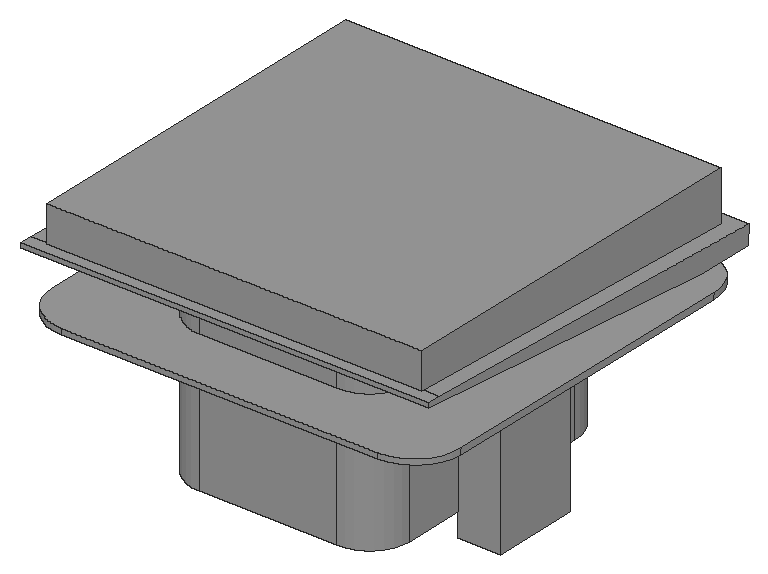
Revit family "Gira_012567", category Electrical Fixtures, host Face, Revit 2017
Family settings
  Host = Face
  Maintain Annotation Orientation = Yes
  Round Connector Dimension = Use Diameter
  Part Type = Normal
  Cut with Voids When Loaded = No
  Shared = No
  Room Calculation Point = No
Parameters (values of type "PB sw. series sw. Gira TX_44 (WP FM) anthra.")
  With mounting plate = "No"
  Wiring system = "Series switch"
  Washing machine switch = "No"
  URL = "http://katalog.gira.de/en/datenblatt.html?artikelnr=012567"
  Type of fastening = "Mounting with claw and screw"
  Surface protection = "Other"
  Suitable for degree of protection (IP) = "IP44"
  Rated current = "10"
  Push button switch = "Yes"
  Number of rockers = "2"
  Number of modules (module system) = "1"
  Nominal voltage = "250"
  Name = "PB sw. series sw. Gira TX_44 (WP FM) anthra."
  Mounting method = "Flush mounted (plaster)"
  Method of operation = "Rocker/button"
  Material quality = "Thermoplastic"
  Material = "Plastic"
  Manufacturer URL = "https://www.gira.de/"
  Manufacturer = "Gira"
  Label space/information surface = "No"
  Keynote = ""
  Illumination = "No"
  HeinzeBIM = "https://bimportal.heinze.de/bim/pb-sw-series-sw-gira-tx-44-wp-fm-anthra-/a0b5789ccc00806a8fed32242576727f7c9737e6"
  Halogen free = "No"
  HAN = "012567"
  GTIN = "4010337125679"
  Feedback-signal contact = "No"
  Description = "PB sw.series TX_44 AN,Pushbutton switch, 10 AX 250 V~ with rocker, 2-gang,Series switch,anthracite,Notes :,- With touch-activation operation.,- Theft-prevention implemented via optional screw-in clamp piece. This makes plugging of cover frame unnecessary."
  Default Elevation = 1219.2 mm
  Data sheet (1) = "https://katalog.gira.de/en/download.html?artikelnr=012567"
  Connection type = "Plug clamp"
  Colour = "Anthracite"
  Category = "Switch"
  BIM (1) = "https://media.stage.bim.site/public/gira/36a6b08/TX44_Komplettgerät_Schalten und Tasten.rfa?public/gira/36a6b08/TX44_Komplettgerät_Schalten und Tasten.rfa"
  Available = "No"
  Assembly arrangement = "Basic element with central cover plate"
Reference planes
  plane 1 "Center (Front/Back)": y = 0
  plane 2 "Reference Level 0": z = 0
  plane 3 "Center (Left/Right)": x = 0
  plane 4: z = -28.6
Forms (mm)
  Extrusion 1, solid, material "Default", detail levels fine
    sketch origin (0, 0, 0) x (1, 0, 0) y (0, 1, 0)
      loop
        line (-32.604, 32.5) -> (-32.604, -32.5) -> (32.735, -32.5) -> (32.735, 32.5) -> (-32.604, 32.5)
    from 0 to 12.3
  Extrusion 2, solid, material "Default", detail levels fine
    sketch origin (0, 0, 0) x (0, 1, 0) y (0, 0, 1)
      loop
        line (35, 3.483) -> (-32.2, 6) -> (-34.55, 6) -> (-34.536, 5.199) -> (24.886, 0) -> (34.939, 0) -> (35, 3.483)
    from -35.5 to 35.5
  Extrusion 3, void
    sketch origin (0, 0, 0) x (0, 1, 0) y (0, 0, 1)
      loop
        line (42.419, 3.205) -> (-32.2, 6) -> (-42.193, 6) -> (-42.193, -11.826) -> (42.419, -11.826) -> (42.419, 3.205)
    from -64.194 to 61.264
  Extrusion 4, solid, material "Default", detail levels fine
    sketch origin (0, 0, 0) x (1, 0, 0) y (0, 1, 0)
      loop
        arc (35.5, 27.5) -> (33.157, 33.157) -> (27.5, 35.5) r 8
        line (27.5, 35.5) -> (-27.5, 35.5)
        arc (-27.5, 35.5) -> (-33.157, 33.157) -> (-35.5, 27.5) r 8
        line (-35.5, 27.5) -> (-35.5, -27.5)
        arc (-35.5, -27.5) -> (-33.157, -33.157) -> (-27.5, -35.5) r 8
        line (-27.5, -35.5) -> (27.5, -35.5)
        arc (27.5, -35.5) -> (33.157, -33.157) -> (35.5, -27.5) r 8
        line (35.5, -27.5) -> (35.5, 27.5)
    from -4.1 to -5.1
  Extrusion 5, solid, material "Default", detail levels fine
    sketch origin (0, 0, 0) x (1, 0, 0) y (0, 1, 0)
      loop
        arc (-12, 25) -> (-16.95, 22.95) -> (-19, 18) r 7
        line (-19, 18) -> (-19, -18)
        arc (-19, -18) -> (-16.95, -22.95) -> (-12, -25) r 7
        line (-12, -25) -> (12, -25)
        arc (12, -25) -> (16.95, -22.95) -> (19, -18) r 7
        line (19, -18) -> (19, 18)
        arc (19, 18) -> (16.95, 22.95) -> (12, 25) r 7
        line (12, 25) -> (-12, 25)
    from 4.692 to -28.6
  Extrusion 6, solid, material "Default", detail levels fine
    sketch origin (0, 0, 0) x (1, 0, 0) y (0, 1, 0)
      loop
        line (-26.5, -7.5) -> (-19, -7.5) -> (-19, 7.5) -> (-26.5, 7.5) -> (-26.5, -7.5)
    from -5.1 to -32.6
  Extrusion 7, solid, material "Default", detail levels fine
    sketch origin (0, 0, 0) x (-1, 0, 0) y (0, -1, 0)
      loop
        line (-26.5, 7.5) -> (-26.5, -7.5) -> (-19, -7.5) -> (-19, 7.5) -> (-26.5, 7.5)
    from -5.1 to -32.6
  Extrusion 8, solid, material "Default", detail levels medium
    sketch origin (0, 0, 0) x (1, 0, 0) y (0, 1, 0)
      loop
        line (-32.604, 32.5) -> (-32.604, -32.5) -> (32.735, -32.5) -> (32.735, 32.5) -> (-32.604, 32.5)
    from 0 to 12.3
  Extrusion 9, solid, material "Default", detail levels medium
    sketch origin (0, 0, 0) x (0, 1, 0) y (0, 0, 1)
      loop
        line (35, 3.483) -> (-32.2, 6) -> (-34.55, 6) -> (-34.445, 0) -> (34.939, 0) -> (35, 3.483)
    from -35.5 to 35.5
  Extrusion 10, solid, material "Default", detail levels medium
    sketch origin (0, 0, 0) x (1, 0, 0) y (0, 1, 0)
      loop
        line (-26.5, 25) -> (-26.5, -25) -> (26.5, -25) -> (26.5, 25) -> (-26.5, 25)
    from 4.692 to -32.6
  Extrusion 11, solid, material "Default", detail levels medium
    sketch origin (0, 0, 0) x (1, 0, 0) y (0, 1, 0)
      loop
        line (35.5, 35.5) -> (-35.5, 35.5) -> (-35.5, -35.5) -> (35.5, -35.5) -> (35.5, 35.5)
    from -4.1 to -5.1
  Extrusion 12, solid, material "Default", detail levels coarse
    sketch origin (0, 0, 0) x (1, 0, 0) y (0, 1, 0)
      loop
        line (35.5, 35.5) -> (-35.5, 35.5) -> (-35.5, -35.5) -> (35.5, -35.5) -> (35.5, 35.5)
    from -32.6 to 12.3
Cuts and joins
  Extrusion 3 cuts Extrusion 1
  joined: Extrusion 1, Extrusion 2, Extrusion 4, Extrusion 5, Extrusion 6, Extrusion 7
Dimensions and locks
  Extrusion 12 to Extrusion 12 = 44.9 mm
  aligned and locked: plane 2 "Reference Level 0" to host face
  aligned and locked: level to host face
  aligned and locked: plane 3 "Center (Left/Right)" to nested 1
  aligned and locked: plane 1 "Center (Front/Back)" to nested 1
Nested families
  nested 1: "Schalter" at (0, 0, 0), type "Schalter"
Connectors
  electrical at (0, 0, -32.6)
    settings: on Extrusion 12, index 1, voltage 220 V, apparent load 0 VA, apparent load phase1 0 VA, apparent load phase2 0 VA, apparent load phase3 0 VA, power factor 1, load classification "Other", number of poles 1, system type 30, power factor state 1, is connector primary yes, connector utility no, sub classification motor no, connector description ""
Definition of nested family "Schalter"
  Reference planes
    plane 1: y = 0
    plane 2: x = 0
  Lines and regions (mm)
    detail lines
      curve 1: circle (1.375, 2.778, 0) r 0.8 normal (0, 0, 1)
      curve 2: line (1.021, 2.061, 0) -> (0, 0, 0)
      curve 3: line (0, 0, 0) -> (-0.538, 0.266, 0)
  Dimensions and locks
    curve 2 to curve 2 = 2.3 mm
    curve 3 to curve 2 = 0.6 mm
    radius of curve 1 = 0.8 mm
